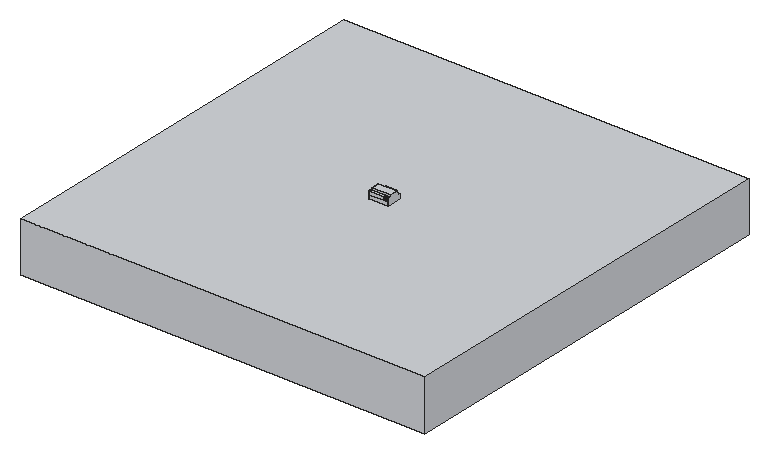
Revit family "Gira_213800", category Elektroinstallationen, Revit 2017
Family settings
  Basisbauteil = Fläche
  Beschriftungsausrichtung beibehalten = Nein
  Bemaßung runder Anschluss = Durchmesser verwenden
  Teiletyp = Normal
  Beim Laden mit Abzugskörper schneiden = Nein
  Gemeinsam genutzt = Nein
  Raumberechnungspunkt = Nein
Parameters (values of type "Spannungsversorgung 1280 mA Drossel KNX REG")
  Default Elevation = 1219.2 mm
  URL = "https://www.gira.de/"
  Typname = "Spannungsversorgung 1280 mA Drossel KNX REG"
  Type Comments = ""
  Produktseite = "https://media.live.bim.site/t/eyJhbGciOiJIUzI1NiIsInR5cCI6IkpXVCJ9.eyJjdCI6MiwidHUiOiJodHRwOi8va2F0YWxvZy5naXJhLmRlL2RlX0RFL2RhdGVuYmxhdHQuaHRtbD9hcnRpa2VsbnI9MjEzODAwIiwiY2lkIjoiZmVkOThlOWEtMWJkOC00YzY4LWE3M2ItNzRhOTRlMzE1ODIzIiwicmlkIjoiNTExMDU3ZjEzZjQwMmQxN2QwNzljMDU4ZTcyNDFiZDIiLCJwaWQiOiJkMjg1M2E1YmY3OGI4ZDdhOWNhZTQ5MWY2OTUzNzgzYjAzNjlkYzFiIiwic2lkIjoiNjM0NzAiLCJ1dCI6MSwibGMiOiJkZSIsImlhdCI6MTYwNjk3ODQyNSwiaXNzIjoiaHR0cHM6Ly9hcGkubGl2ZS5iaW0uc2l0ZSIsInN1YiI6IjhkM2FhNWNiLWUwNjYtNDU5OC1iZTE2LTZlMTZlZTc0OTU2YSJ9.ClGh_TnMGwWz6roNw77iVcZFM09y1_Mw709DYumMg9M"
  Montageart = "REG"
  Model = ""
  Mit LED-Anzeige = no
  Max. Ausgangsstrom = 1.28 A
  Kosten = 0
  Ist Zubehör = no
  Ist System = no
  Hersteller = "Gira"
  HeinzeBIM = "https://www.heinze.de/bim/spannungsversorgung-1280-ma-drossel-knx-reg/d2853a5bf78b8d7a9cae491f6953783b0369dc1b"
  HAN = "213800"
  GTIN = "4010337023241"
  Datenblatt 1 = "https://media.live.bim.site/t/eyJhbGciOiJIUzI1NiIsInR5cCI6IkpXVCJ9.eyJjdCI6MSwidGYiOiJwdWJsaWMvZ2lyYS8xMTljZWFmLzIxMzgwMC50eHQiLCJjaWQiOiJmZWQ5OGU5YS0xYmQ4LTRjNjgtYTczYi03NGE5NGUzMTU4MjMiLCJyaWQiOiI1MTEwNTdmMTNmNDAyZDE3ZDA3OWMwNThlNzI0MWJkMiIsInBpZCI6ImQyODUzYTViZjc4YjhkN2E5Y2FlNDkxZjY5NTM3ODNiMDM2OWRjMWIiLCJzaWQiOiI2MzQ3MCIsInV0IjoxLCJsYyI6ImRlIiwiaWF0IjoxNjA2OTc4NDI1LCJpc3MiOiJodHRwczovL2FwaS5saXZlLmJpbS5zaXRlIiwic3ViIjoiOGQzYWE1Y2ItZTA2Ni00NTk4LWJlMTYtNmUxNmVlNzQ5NTZhIn0.smeDezkicWQiKqcxkdPpzarFtzn2KXMJ_cmZvMkwPjY/213800.txt"
  Datenblatt = "https://media.live.bim.site/t/eyJhbGciOiJIUzI1NiIsInR5cCI6IkpXVCJ9.eyJjdCI6MSwidHUiOiJodHRwczovL2thdGFsb2cuZ2lyYS5kZS9kZV9ERS9kb3dubG9hZC5odG1sP2FydGlrZWxucj0yMTM4MDAiLCJjaWQiOiJmZWQ5OGU5YS0xYmQ4LTRjNjgtYTczYi03NGE5NGUzMTU4MjMiLCJyaWQiOiI1MTEwNTdmMTNmNDAyZDE3ZDA3OWMwNThlNzI0MWJkMiIsInBpZCI6ImQyODUzYTViZjc4YjhkN2E5Y2FlNDkxZjY5NTM3ODNiMDM2OWRjMWIiLCJzaWQiOiI2MzQ3MCIsInV0IjoxLCJsYyI6ImRlIiwiaWF0IjoxNjA2OTc4NDI1LCJpc3MiOiJodHRwczovL2FwaS5saXZlLmJpbS5zaXRlIiwic3ViIjoiOGQzYWE1Y2ItZTA2Ni00NTk4LWJlMTYtNmUxNmVlNzQ5NTZhIn0.d1mSeHi4d7aTVgM9rOFC2Re6ebQv349M_786SGTShiE"
  Bussystem Powernet = no
  Bussystem LON = no
  Bussystem KNX-Funk = no
  Bussystem KNX = yes
  Bussystem Funkbus = no
  Busspannung pufferbar = no
  Breite in Teilungseinheiten = 4
  Beschreibung = "KNX Spannungsversorgung 1280 mA mit integrierter Drossel   Spannungsversorgungen zur Versorgung von KNX Geräten mit Busspannung.  Merkmale:  Ausgang mit integrierter Drossel zur Versorgung von KNX Buslinien.  Ausgang DC 30 V zur Versorgung zusätzlicher Geräte.  Nennstrom beliebig auf die Ausgänge aufteilbar.  Reset-Taster.  Kurzschlussfest.  Überspannungsfest.  Leerlaufsicher.  Geeignet für Betrieb in Anlagen mit Notstromversorgung.  Potenzialfreier Meldekontakt für Betriebs- und Diagnosemeldung.  Hinweise :  Montage auf DIN-Hutschiene.  VDE-Zulassung gemäß EN 60669-1, EN 60669-2-1."
  Assembly Code = ""
  Keynote = ""
  BIMSITE_PRODUCT_ID = "d2853a5bf78b8d7a9cae491f6953783b0369dc1b"
  BIM = "https://media.live.bim.site/t/eyJhbGciOiJIUzI1NiIsInR5cCI6IkpXVCJ9.eyJjdCI6MSwidGYiOiJwdWJsaWMvZ2lyYS8xMTljZWFmLzIxMzggMDBfUkVHIDYucmZhIiwiY2lkIjoiZmVkOThlOWEtMWJkOC00YzY4LWE3M2ItNzRhOTRlMzE1ODIzIiwicmlkIjoiNTExMDU3ZjEzZjQwMmQxN2QwNzljMDU4ZTcyNDFiZDIiLCJwaWQiOiJkMjg1M2E1YmY3OGI4ZDdhOWNhZTQ5MWY2OTUzNzgzYjAzNjlkYzFiIiwic2lkIjoiNjM0NzAiLCJ1dCI6NSwibGMiOiJkZSIsImlhdCI6MTYwNjk3ODQyNSwiaXNzIjoiaHR0cHM6Ly9hcGkubGl2ZS5iaW0uc2l0ZSIsInN1YiI6IjhkM2FhNWNiLWUwNjYtNDU5OC1iZTE2LTZlMTZlZTc0OTU2YSJ9.ehdpt3yrbbtNVy2CNk34zCjVnYe8vwCxPQoNZvp6ohI/2138 00_REG 6.rfa"
  Andere Bussysteme = "sonstige"
Reference planes
  plane 1 "Center (Front/Back)": y = 0
  plane 2: z = 0
  plane 3 "Center (Left/Right)": x = 0
Forms (mm)
  Extrusion 1, solid
    sketch origin (0, 0, 0) x (1, 0, 0) y (0, 1, 0)
      loop
        line (-1219.2, 1219.2) -> (-1219.2, -1219.2) -> (1219.2, -1219.2) -> (1219.2, 1219.2) -> (-1219.2, 1219.2)
    from 0 to -304.8
  Extrusion 2, solid, detail levels fine
    sketch origin (0, 0, 0) x (0, 1, 0) y (0, 0, 1)
      loop
        line (23, 49.5) -> (-23, 49.5) -> (-23, 39) -> (-43, 39) -> (-43, 20) -> (-43, 0) -> (-41, 0) -> (-41, 18.5) -> (-41, 37.5) -> (-21.5, 37.5) -> (-21.5, 45.5) -> (21.5, 45.5) -> (21.5, 37.5) -> (41, 37.5) -> (41, 0) -> (43, 0) -> (43, 39) -> (23, 39) -> (23, 49.5)
    from -56.45 to 56.45
  Extrusion 3, solid, detail levels fine
    sketch origin (-19.55, 0, 0) x (0, 1, 0) y (0, 0, 1)
      loop
        line (23, 49.5) -> (-23, 49.5) -> (-23, 39) -> (-43, 39) -> (-43, 20) -> (-43, 0) -> (43, 0) -> (43, 20) -> (43, 39) -> (23, 39) -> (23, 49.5)
    from 76 to 78.5
  Extrusion 4, solid, detail levels fine
    sketch origin (19.55, 0, 0) x (0, 1, 0) y (0, 0, -1)
      loop
        line (23, -49.5) -> (23, -39) -> (43, -39) -> (43, -20) -> (43, 0) -> (-43, 0) -> (-43, -20) -> (-43, -39) -> (-23, -39) -> (-23, -49.5) -> (23, -49.5)
    from 76 to 78.5
  Extrusion 5, solid, detail levels medium
    sketch origin (0, 0, 0) x (0, 1, 0) y (0, 0, 1)
      loop
        line (23, 49.5) -> (-23, 49.5) -> (-23, 39) -> (-43, 39) -> (-43, 20) -> (-43, 0) -> (43, 0) -> (43, 20) -> (43, 39) -> (23, 39) -> (23, 49.5)
    from -58.95 to 58.95
  Extrusion 6, solid
    sketch origin (0, 0, 0) x (1, 0, 0) y (0, 1, 0)
      loop
        line (56.45, 41) -> (35, 41) -> (35, 30) -> (56.45, 30) -> (56.45, 41)
    from 25.999 to 39
  Extrusion 7, void
    sketch origin (0, 0, 0) x (1, 0, 0) y (0, 1, 0)
      loop
        line (58.95, 43) -> (36.016, 43) -> (36.016, 30.714) -> (58.95, 30.714) -> (58.95, 43)
    from 27.353 to 39
  Extrusion 8, solid
    sketch origin (0, 0, 0) x (-1, 0, 0) y (0, -1, 0)
      loop
        line (56.45, -41) -> (56.45, -30) -> (25, -30) -> (25, -41) -> (56.45, -41)
    from 25.999 to 39
  Extrusion 9, solid
    sketch origin (0, 0, 0) x (1, 0, 0) y (0, 1, 0)
      loop
        line (56.45, -41) -> (56.45, -27.955) -> (27.77, -27.955) -> (27.77, -41) -> (56.45, -41)
    from 18.5 to 39
  Extrusion 10, void
    sketch origin (0, 0, 0) x (1, 0, 0) y (0, 1, 0)
      loop
        line (53.802, -43) -> (53.802, -29) -> (41.802, -29) -> (41.802, -43) -> (53.802, -43)
      loop
        line (40.802, -43) -> (40.802, -29) -> (28.802, -29) -> (28.802, -43) -> (40.802, -43)
    from 20 to 39
  Extrusion 11, void
    sketch origin (0, 0, 0) x (1, 0, 0) y (0, 1, 0)
      loop
        line (-58.95, 43) -> (-58.95, 30.714) -> (-25.762, 30.714) -> (-25.762, 43) -> (-58.95, 43)
    from 27.353 to 39
  Extrusion 12, solid, detail levels coarse
    sketch origin (0, 0, 0) x (1, 0, 0) y (0, 1, 0)
      loop
        line (-58.95, -43) -> (58.95, -43) -> (58.95, 43) -> (-58.95, 43) -> (-58.95, -43)
    from 0 to 49.5
Cuts and joins
  Extrusion 7, Extrusion 10, Extrusion 11 cuts Extrusion 2
  Extrusion 7 cuts Extrusion 3
  Extrusion 7, Extrusion 10, Extrusion 11 cuts Extrusion 5
  Extrusion 7 cuts Extrusion 6
  Extrusion 10 cuts Extrusion 9
  Extrusion 11 cuts Extrusion 4
  Extrusion 11 cuts Extrusion 8
Dimensions and locks
  aligned and locked: plane 2 to Extrusion 1
  aligned and locked: level to Extrusion 1
